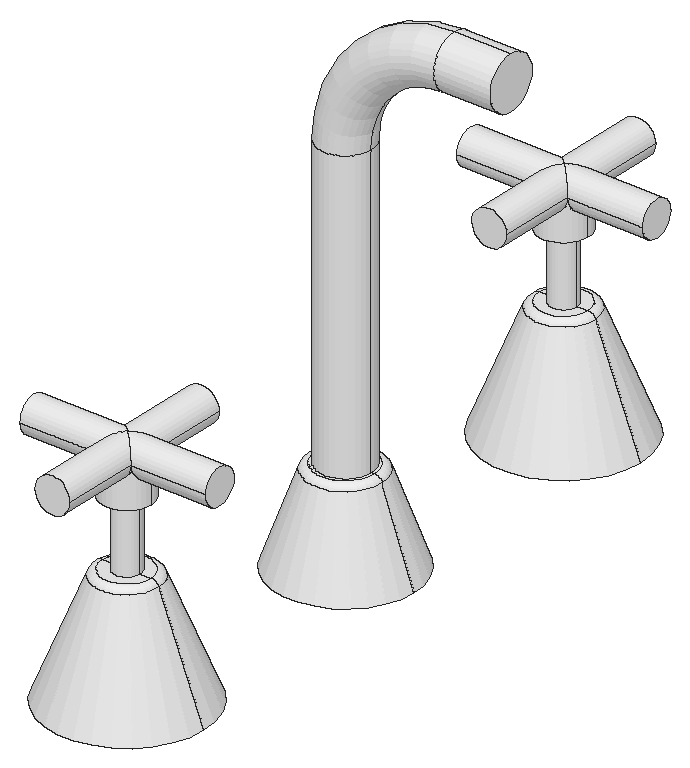
Revit family "Coolibah-Classic-Cross-Wall-Basin-Set-90320C5A", category Plumbing Fixtures, host Face, Revit 2015
Parameters (values of type "Coolibah-Classic-Cross-Wall-Basin-Set-90320C5A")
  URL = "https://www.caroma.com.au/"
  Model = "90320C5A"
  Material_Base = GWA_Metal-Chrome
  Manufacturer = "GWA Bathrooms & Kitchens"  # constant formula
  Description = "Coolibah-Classic-Cross-Wall-Basin-Set"
  Default Elevation = 900 mm
  CreatedBy_ANZRS = "GWA Bathrooms & Kitchens"  # constant formula
  Assembly Code = "C1030220"
Reference planes
  plane 1 "Center (Front/Back)": y = 0
  plane 2: z = 0
  plane 3 "Center (Left/Right)": x = 0
  plane 4: y = -100
  plane 5: y = 100
Forms (mm)
  Revolve 1, solid, material "GWA_Metal-Chrome" <- "Material_Base"
    sketch origin (0, 0, 0) x (1, 0, 0) y (0, 0, 1)
      loop
        line (0, 34) -> (-10.689, 34)
        arc (-10.689, 34) -> (-12.416, 33.454) -> (-13.513, 32.013) r 3
        line (-13.513, 32.013) -> (-25, 0) -> (0, 0) -> (0, 34)
      axis (0, 34) -> (0, 0)
    angle from 0 to 360
  Sweep 2, solid, material "GWA_Metal-Chrome" <- "Material_Base"
    path origin (0, 0, 0) x (1, 0, 0) y (0, 0, 1)
      loop
        line (0, 34) -> (0, 140)
        arc (0, 140) -> (11.716, 168.284) -> (40, 180) r 40
        line (40, 180) -> (60.7, 180)
    profile origin (0, 0, 87) x (-1, 0, 0) y (0, -1, 0)
      loop
        circle (0, 0) r 9.5
  Revolve 3, solid, material "GWA_Metal-Chrome" <- "Material_Base"
    sketch origin (100, -100, 0) x (-1, 0, 0) y (0, 0, 1)
      loop
        line (108.875, 43) -> (100, 43) -> (100, 0) -> (128.25, 0) -> (111.658, 41.123)
        arc (111.658, 41.123) -> (110.554, 42.487) -> (108.875, 43) r 3
      axis (100, 43) -> (100, 0)
    angle from 0 to 360
  Extrusion 4, solid, material "GWA_Metal-Chrome" <- "Material_Base"
    sketch origin (69.75, -100, 0) x (1, 0, 0) y (0, 1, 0)
      loop
        circle (-69.75, 0) r 4.75
    from 43 to 67.3
  Extrusion 5, solid, material "GWA_Metal-Chrome" <- "Material_Base"
    sketch origin (100, -100, 0) x (-1, 0, 0) y (0, 0, 1)
      loop
        circle (100, 82) r 6.4
    from -34 to 34
  Extrusion 6, solid, material "GWA_Metal-Chrome" <- "Material_Base"
    sketch origin (69.75, -100, 0) x (1, 0, 0) y (0, 1, 0)
      loop
        circle (-69.75, 0) r 9
    from 67.3 to 82
  Extrusion 7, solid, material "GWA_Metal-Chrome" <- "Material_Base"
    sketch origin (0, -56.258, 20.139) x (0, 1, 0) y (0, 0, 1)
      loop
        circle (-43.742, 61.861) r 6.4
    from -34 to 34
  Extrusion 8, solid, material "GWA_Metal-Chrome" <- "Material_Base"
    sketch origin (69.75, 100, 0) x (1, 0, 0) y (0, 1, 0)
      loop
        circle (-69.75, 0) r 4.75
    from 43 to 67.3
  Extrusion 9, solid, material "GWA_Metal-Chrome" <- "Material_Base"
    sketch origin (69.75, 100, 0) x (1, 0, 0) y (0, 1, 0)
      loop
        circle (-69.75, 0) r 9
    from 67.3 to 82
  Extrusion 10, solid, material "GWA_Metal-Chrome" <- "Material_Base"
    sketch origin (0, 143.742, 20.139) x (0, 1, 0) y (0, 0, 1)
      loop
        circle (-43.742, 61.861) r 6.4
    from -34 to 34
  Revolve 11, solid, material "GWA_Metal-Chrome" <- "Material_Base"
    sketch origin (-100, 100, 0) x (-1, 0, 0) y (0, 0, 1)
      loop
        line (-91.125, 43) -> (-100, 43) -> (-100, 0) -> (-71.75, 0) -> (-88.342, 41.123)
        arc (-88.342, 41.123) -> (-89.446, 42.487) -> (-91.125, 43) r 3
      axis (-100, 43) -> (-100, 0)
    angle from 0 to 360
  Extrusion 12, solid, material "GWA_Metal-Chrome" <- "Material_Base"
    sketch origin (-100, 100, 0) x (-1, 0, 0) y (0, 0, 1)
      loop
        circle (-100, 82) r 6.4
    from -34 to 34
Lines and regions (mm)
  Masking region 1
    outline origin (0, 0, 0) x (1, 0, 0) y (0, 1, 0)
      loop
        arc (23.125, 9.5) -> (-4.842, 24.527) -> (-25, 0) r 25
        arc (-25, 0) -> (-4.842, -24.527) -> (23.125, -9.5) r 25
        line (23.125, -9.5) -> (60.7, -9.5) -> (60.7, 9.5) -> (23.125, 9.5)
  Masking region 2
    outline origin (0, 0, 0) x (0, 1, 0) y (0, 0, 1)
      loop
        arc (9.5, 180) -> (0, 189.5) -> (-9.5, 180) r 9.5
        line (-9.5, 180) -> (-9.5, 34) -> (-10.524, 34)
        arc (-10.524, 34) -> (-12.245, 33.457) -> (-13.343, 32.026) r 3
        line (-13.343, 32.026) -> (-25, 0) -> (25, 0) -> (13.343, 32.026)
        arc (13.343, 32.026) -> (12.245, 33.457) -> (10.524, 34) r 3
        line (10.524, 34) -> (9.5, 34) -> (9.5, 180)
  Masking region 3
    outline origin (50, -100, 0) x (1, 0, 0) y (0, 1, 0)
      loop
        arc (-22.485, 6.4) -> (-30.024, 19.976) -> (-43.6, 27.515) r 28.25
        line (-43.6, 27.515) -> (-43.6, 34) -> (-56.4, 34) -> (-56.4, 27.515)
        arc (-56.4, 27.515) -> (-69.976, 19.976) -> (-77.515, 6.4) r 28.25
        line (-77.515, 6.4) -> (-84, 6.4) -> (-84, -6.4) -> (-77.515, -6.4)
        arc (-77.515, -6.4) -> (-69.976, -19.976) -> (-56.4, -27.515) r 28.25
        line (-56.4, -27.515) -> (-56.4, -34) -> (-43.6, -34) -> (-43.6, -27.515)
        arc (-43.6, -27.515) -> (-30.024, -19.976) -> (-22.485, -6.4) r 28.25
        line (-22.485, -6.4) -> (-16, -6.4) -> (-16, 6.4) -> (-22.485, 6.4)
  Masking region 4
    outline origin (50, 100, 0) x (1, 0, 0) y (0, 1, 0)
      loop
        arc (-22.485, 6.4) -> (-30.024, 19.976) -> (-43.6, 27.515) r 28.25
        line (-43.6, 27.515) -> (-43.6, 34) -> (-56.4, 34) -> (-56.4, 27.515)
        arc (-56.4, 27.515) -> (-69.976, 19.976) -> (-77.515, 6.4) r 28.25
        line (-77.515, 6.4) -> (-84, 6.4) -> (-84, -6.4) -> (-77.515, -6.4)
        arc (-77.515, -6.4) -> (-69.976, -19.976) -> (-56.4, -27.515) r 28.25
        line (-56.4, -27.515) -> (-56.4, -34) -> (-43.6, -34) -> (-43.6, -27.515)
        arc (-43.6, -27.515) -> (-30.024, -19.976) -> (-22.485, -6.4) r 28.25
        line (-22.485, -6.4) -> (-16, -6.4) -> (-16, 6.4) -> (-22.485, 6.4)
  Masking region 5
    outline origin (0, 0, 0) x (0, 1, 0) y (0, 0, 1)
      loop
        line (134, 88.4) -> (66, 88.4) -> (66, 75.6) -> (91, 75.6) -> (91, 67.3) -> (95.25, 67.3) -> (95.25, 43) -> (91.147, 43)
        arc (91.147, 43) -> (89.469, 42.487) -> (88.365, 41.124) r 3
        line (88.365, 41.124) -> (71.75, 0) -> (128.25, 0) -> (111.635, 41.124)
        arc (111.635, 41.124) -> (110.531, 42.487) -> (108.853, 43) r 3
        line (108.853, 43) -> (104.75, 43) -> (104.75, 67.3) -> (109, 67.3) -> (109, 75.6) -> (134, 75.6) -> (134, 88.4)
  Masking region 6
    outline origin (0, -200, 0) x (0, 1, 0) y (0, 0, 1)
      loop
        line (134, 88.4) -> (66, 88.4) -> (66, 75.6) -> (91, 75.6) -> (91, 67.3) -> (95.25, 67.3) -> (95.25, 43) -> (91.147, 43)
        arc (91.147, 43) -> (89.469, 42.487) -> (88.365, 41.124) r 3
        line (88.365, 41.124) -> (71.75, 0) -> (128.25, 0) -> (111.635, 41.124)
        arc (111.635, 41.124) -> (110.531, 42.487) -> (108.853, 43) r 3
        line (108.853, 43) -> (104.75, 43) -> (104.75, 67.3) -> (109, 67.3) -> (109, 75.6) -> (134, 75.6) -> (134, 88.4)
  Masking region 7
    outline origin (0, 0, 0) x (1, 0, 0) y (0, 0, 1)
      loop
        line (60.7, 189.5) -> (40, 189.5)
        arc (40, 189.5) -> (4.998, 175.002) -> (-9.5, 140) r 49.5
        line (-9.5, 140) -> (-9.5, 88.4) -> (-34, 88.4) -> (-34, 75.6) -> (-9.5, 75.6) -> (-9.5, 42.929)
        arc (-9.5, 42.929) -> (-10.791, 42.291) -> (-11.635, 41.124) r 3
        line (-11.635, 41.124) -> (-28.25, 0) -> (28.25, 0) -> (11.635, 41.124)
        arc (11.635, 41.124) -> (10.791, 42.291) -> (9.5, 42.929) r 3
        line (9.5, 42.929) -> (9.5, 75.6) -> (34, 75.6) -> (34, 88.4) -> (9.5, 88.4) -> (9.5, 140)
        arc (9.5, 140) -> (18.433, 161.567) -> (40, 170.5) r 30.5
        line (40, 170.5) -> (60.7, 170.5) -> (60.7, 189.5)
  symbolic lines
    curve 1: arc (-25, 0, 0) -> (-4.842, -24.527, 0) -> (23.125, -9.5, 0) r 25
    curve 2: line (60.7, -9.5, 0) -> (60.7, 9.5, 0)
    curve 3: arc (0, 9.5, 0) -> (-9.5, 0, 0) -> (0, -9.5, 0) r 9.5
    curve 4: line (0, 9.5, 0) -> (60.7, 9.5, 0)
    curve 5: line (0, -9.5, 0) -> (60.7, -9.5, 0)
    curve 6: arc (23.125, 9.5, 0) -> (-4.842, 24.527, 0) -> (-25, 0, 0) r 25
    curve 7: arc (-9.5, 0, 140) -> (4.998, 0, 175.002) -> (40, 0, 189.5) r 49.5
    curve 8: line (60.7, 0, 189.5) -> (40, 0, 189.5)
    curve 9: line (60.7, 0, 170.5) -> (40, 0, 170.5)
    curve 10: arc (9.5, 0, 140) -> (18.433, 0, 161.567) -> (40, 0, 170.5) r 30.5
    curve 11: line (9.5, 0, 140) -> (9.5, 0, 88.4)
    curve 12: line (-9.5, 0, 140) -> (-9.5, 0, 88.4)
    curve 13: line (60.7, 0, 189.5) -> (60.7, 0, 170.5)
    curve 14: line (0, 25, 0) -> (0, -25, 0)
    curve 15: line (0, -25, 0) -> (0, -13.343, 32.026)
    curve 16: line (0, 25, 0) -> (0, 13.343, 32.026)
    curve 17: line (0, 10.524, 34) -> (0, -10.524, 34)
    curve 18: arc (0, -10.524, 34) -> (0, -12.245, 33.457) -> (0, -13.343, 32.026) r 3
    curve 19: arc (0, 13.343, 32.026) -> (0, 12.245, 33.457) -> (0, 10.524, 34) r 3
    curve 20: line (0, -9.5, 180) -> (0, -9.5, 34)
    curve 21: line (0, 9.5, 180) -> (0, 9.5, 34)
    curve 22: arc (0, 9.5, 180) -> (0, 0, 189.5) -> (0, -9.5, 180) r 9.5
    curve 23: line (-6.4, -66, 0) -> (6.4, -66, 0)
    curve 24: line (6.4, -66, 0) -> (6.4, -93.6, 0)
    curve 25: line (6.4, -134, 0) -> (-6.4, -134, 0)
    curve 26: line (-6.4, -134, 0) -> (-6.4, -106.4, 0)
    curve 27: line (-34, -93.6, 0) -> (-6.4, -93.6, 0)
    curve 28: line (34, -93.6, 0) -> (34, -106.4, 0)
    curve 29: line (34, -106.4, 0) -> (6.4, -106.4, 0)
    curve 30: line (-34, -106.4, 0) -> (-34, -93.6, 0)
    curve 31: line (6.4, -106.4, 0) -> (6.4, -134, 0)
    curve 32: line (-6.4, -93.6, 0) -> (-6.4, -66, 0)
    curve 33: line (6.4, -93.6, 0) -> (34, -93.6, 0)
    curve 34: line (-6.4, -106.4, 0) -> (-34, -106.4, 0)
    curve 35: arc (27.515, -93.6, 0) -> (19.976, -80.024, 0) -> (6.4, -72.485, 0) r 28.25
    curve 36: arc (-27.515, -106.4, 0) -> (-19.976, -119.976, 0) -> (-6.4, -127.515, 0) r 28.25
    curve 37: arc (6.4, -127.515, 0) -> (19.976, -119.976, 0) -> (27.515, -106.4, 0) r 28.25
    curve 38: arc (-6.4, -72.485, 0) -> (-19.976, -80.024, 0) -> (-27.515, -93.6, 0) r 28.25
    curve 39: line (-34, 106.4, 0) -> (-6.4, 106.4, 0)
    curve 40: line (34, 106.4, 0) -> (34, 93.6, 0)
    curve 41: line (34, 93.6, 0) -> (6.4, 93.6, 0)
    curve 42: line (-34, 93.6, 0) -> (-34, 106.4, 0)
    curve 43: line (6.4, 106.4, 0) -> (34, 106.4, 0)
    curve 44: line (-6.4, 93.6, 0) -> (-34, 93.6, 0)
    curve 45: line (-6.4, 134, 0) -> (6.4, 134, 0)
    curve 46: line (6.4, 134, 0) -> (6.4, 106.4, 0)
    curve 47: line (6.4, 66, 0) -> (-6.4, 66, 0)
    curve 48: line (-6.4, 66, 0) -> (-6.4, 93.6, 0)
    curve 49: line (-34, 106.4, 0) -> (-6.4, 106.4, 0)
    curve 50: line (34, 106.4, 0) -> (34, 93.6, 0)
    curve 51: line (34, 93.6, 0) -> (6.4, 93.6, 0)
    curve 52: line (-34, 93.6, 0) -> (-34, 106.4, 0)
    curve 53: line (6.4, 93.6, 0) -> (6.4, 66, 0)
    curve 54: line (-6.4, 106.4, 0) -> (-6.4, 134, 0)
    curve 55: line (6.4, 106.4, 0) -> (34, 106.4, 0)
    curve 56: line (-6.4, 93.6, 0) -> (-34, 93.6, 0)
    curve 57: arc (27.515, 106.4, 0) -> (19.976, 119.976, 0) -> (6.4, 127.515, 0) r 28.25
    curve 58: arc (-27.515, 93.6, 0) -> (-19.976, 80.024, 0) -> (-6.4, 72.485, 0) r 28.25
    curve 59: arc (6.4, 72.485, 0) -> (19.976, 80.024, 0) -> (27.515, 93.6, 0) r 28.25
    curve 60: line (0, 134, 88.4) -> (0, 66, 88.4)
    curve 61: line (0, 66, 88.4) -> (0, 66, 75.6)
    curve 62: line (0, 66, 75.6) -> (0, 91, 75.6)
    curve 63: line (0, 91, 75.6) -> (0, 91, 67.3)
    curve 64: line (0, 134, 88.4) -> (0, 134, 75.6)
    curve 65: line (0, 134, 75.6) -> (0, 109, 75.6)
    curve 66: line (0, 109, 75.6) -> (0, 109, 67.3)
    curve 67: line (0, 109, 67.3) -> (0, 91, 67.3)
    curve 68: circle (0, 100, 82) r 6.4 normal (1, 0, 0)
    curve 69: arc (0, 93.6, 82) -> (0, 92.815, 78.591) -> (0, 91, 75.6) r 11
    curve 70: arc (0, 106.4, 82) -> (0, 107.185, 78.591) -> (0, 109, 75.6) r 11
    curve 71: line (0, 95.25, 43) -> (0, 95.25, 67.3)
    curve 72: line (0, 104.75, 43) -> (0, 104.75, 67.3)
    curve 73: line (0, 108.853, 43) -> (0, 91.147, 43)
    curve 74: line (0, 128.25, 0) -> (0, 71.75, 0)
    curve 75: line (0, 71.75, 0) -> (0, 88.365, 41.124)
    curve 76: line (0, 128.25, 0) -> (0, 111.635, 41.124)
    curve 77: arc (0, 111.635, 41.124) -> (0, 110.531, 42.487) -> (0, 108.853, 43) r 3
    curve 78: arc (0, 91.147, 43) -> (0, 89.469, 42.487) -> (0, 88.365, 41.124) r 3
    curve 79: line (0, -66, 88.4) -> (0, -134, 88.4)
    curve 80: line (0, -134, 88.4) -> (0, -134, 75.6)
    curve 81: line (0, -134, 75.6) -> (0, -109, 75.6)
    curve 82: line (0, -109, 75.6) -> (0, -109, 67.3)
    curve 83: line (0, -66, 88.4) -> (0, -66, 75.6)
    curve 84: line (0, -66, 75.6) -> (0, -91, 75.6)
    curve 85: line (0, -91, 75.6) -> (0, -91, 67.3)
    curve 86: line (0, -91, 67.3) -> (0, -109, 67.3)
    curve 87: circle (0, -100, 82) r 6.4 normal (1, 0, 0)
    curve 88: arc (0, -106.4, 82) -> (0, -107.185, 78.591) -> (0, -109, 75.6) r 11
    curve 89: arc (0, -93.6, 82) -> (0, -92.815, 78.591) -> (0, -91, 75.6) r 11
    curve 90: line (0, -104.75, 43) -> (0, -104.75, 67.3)
    curve 91: line (0, -95.25, 43) -> (0, -95.25, 67.3)
    curve 92: line (0, -91.147, 43) -> (0, -108.853, 43)
    curve 93: line (0, -71.75, 0) -> (0, -128.25, 0)
    curve 94: line (0, -128.25, 0) -> (0, -111.635, 41.124)
    curve 95: line (0, -71.75, 0) -> (0, -88.365, 41.124)
    curve 96: arc (0, -88.365, 41.124) -> (0, -89.469, 42.487) -> (0, -91.147, 43) r 3
    curve 97: arc (0, -108.853, 43) -> (0, -110.531, 42.487) -> (0, -111.635, 41.124) r 3
    curve 98: line (-34, 0, 88.4) -> (34, 0, 88.4)
    curve 99: line (34, 0, 88.4) -> (34, 0, 75.6)
    curve 100: line (34, 0, 75.6) -> (9, 0, 75.6)
    curve 101: line (9, 0, 75.6) -> (9, 0, 67.3)
    curve 102: line (9, 0, 67.3) -> (-9, 0, 67.3)
    curve 103: line (-34, 0, 88.4) -> (-34, 0, 75.6)
    curve 104: line (-34, 0, 75.6) -> (-9, 0, 75.6)
    curve 105: line (-9, 0, 75.6) -> (-9, 0, 67.3)
    curve 106: circle (0, 0, 82) r 6.4 normal (0, -1, 0)
    curve 107: arc (-6.4, 0, 82) -> (-7.185, 0, 78.591) -> (-9, 0, 75.6) r 11
    curve 108: arc (6.4, 0, 82) -> (7.185, 0, 78.591) -> (9, 0, 75.6) r 11
    curve 109: line (-9.5, 0, 75.6) -> (-9.5, 0, 43.197)
    curve 110: line (9.5, 0, 75.6) -> (9.5, 0, 50)
    curve 111: line (4.75, 0, 43) -> (4.75, 0, 67.3)
    curve 112: line (-4.75, 0, 43) -> (-4.75, 0, 67.3)
    curve 113: line (-8.853, 0, 43) -> (8.853, 0, 43)
    curve 114: line (-28.25, 0, 0) -> (28.25, 0, 0)
    curve 115: line (28.25, 0, 0) -> (11.635, 0, 41.124)
    curve 116: line (-28.25, 0, 0) -> (-11.635, 0, 41.124)
    curve 117: arc (-11.635, 0, 41.124) -> (-10.531, 0, 42.487) -> (-8.853, 0, 43) r 3
    curve 118: arc (8.853, 0, 43) -> (10.531, 0, 42.487) -> (11.635, 0, 41.124) r 3
Dimensions and locks
  aligned and locked: plane 2 to host face
  aligned and locked: level to host face
Connectors
  piping at (0, 100, 0), diameter 20
    settings: index 1, connector inside diameter 609.6 mm, connector length 0 mm, flow factor 0, pipe flow 0.0 L/s, pressure drop 0.0 Pa, fitting loss kfactor 0, connector angle 0.00°, fixture units 0, engagement length 0 mm, angle of deflection 0.00°, flow configuration 3, flow direction 1, fitting loss method 0, system type 20, joint type 0, gender type 0, connector reference index -1, connector utility 0, adjustable connector no, is connector primary yes, connector description ""
  piping at (0, -100, 0), diameter 20
    settings: index 2, connector inside diameter 609.6 mm, connector length 0 mm, flow factor 0, pipe flow 0.0 L/s, pressure drop 0.0 Pa, fitting loss kfactor 0, connector angle 0.00°, fixture units 0, engagement length 0 mm, angle of deflection 0.00°, flow configuration 3, flow direction 1, fitting loss method 0, system type 19, joint type 0, gender type 0, connector reference index -1, connector utility 0, adjustable connector no, is connector primary no, connector description ""
